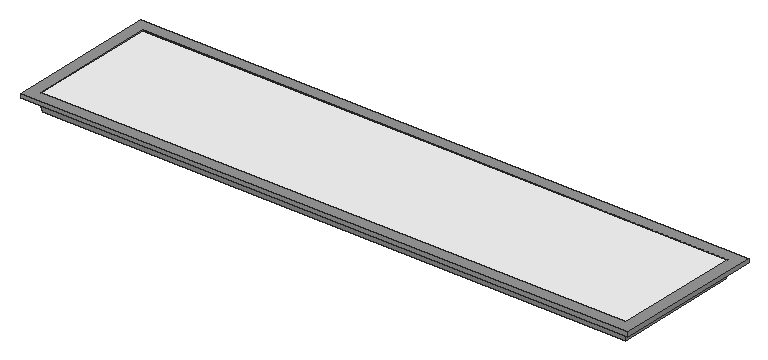
Revit family "0047072", category Lighting Fixtures, host Face, Revit 2017
Family settings
  Host = Face
  Round Connector Dimension = Use Diameter
  Part Type = Normal
  OmniClass Number = 23.80.70.00
  OmniClass Title = Lighting
  Cut with Voids When Loaded = No
  Light Source = Yes
  Shared = No
  Room Calculation Point = No
Parameters (values of type "0047072 START ECO PANEL 1200X300 3200LM 840")
  Width01_SYL = 295 mm
  Weight = "2.45 kg"
  Wattage Comments = ""
  Wattage = 36 W
  WarrantyStartDate [instance] = "n/a"
  WarrantyGuarantorParts = "n/a"
  WarrantyDurationUnit = "n/a"
  WarrantyDurationParts = "n/a"
  WarrantyDescription = "n/a"
  built-in parameter 1150110 = 1 (stored number, unit not read)
  Voltage = 0 V
  URL = "http://www.sylvania-lighting.com"
  TypeName = "START eco Panel 1200x300 3200Lm 840"
  Type Image = <None>
  Type Comments = "n/a"
  built-in parameter 1114217 = 1 (stored number, unit not read)
  Tilt Angle = -90.00°
  built-in parameter 1150109 = 1 (stored number, unit not read)
  built-in parameter 1150134 = 12
  built-in parameter 1150113 = 1 (stored number, unit not read)
  SerialNumber [instance] = "n/a"
  Photometric Web File = "0047072.ies"
  Material_3_SYL = none
  PowerFactor = 0.95
  PowerConsumption = "36 W"
  NominalLength = 1200 mm
  NominalHeight = 34 mm
  NominalDepth = 300 mm
  Name = "START eco Panel 1200x300 3200Lm 840"
  ModelReference = Name  # "START eco Panel 1200x300 3200Lm 840"
  ModelNumber = "0047072"
  Model = Name  # "START eco Panel 1200x300 3200Lm 840"
  Material = "aluminium,steel housing, other diffuser"
  ManufacturerName = "Feilo Sylvania"
  Manufacturer = "Feilo Sylvania"
  LuminousEfficacy = "89 lm/W"
  built-in parameter 1150105 = 254.97 (stored number, unit not read)
  Lumens = 3204 lm
  LuminaireType = ""
  built-in parameter 1150115 = 1 (stored number, unit not read)
  LumArea_SYL = 551 mm
  LumAreaW_SYL = 251 mm
  LumAreaL_SYL = 1151 mm
  LightOutputRatio = "n/a"
  built-in parameter 1150137 = (empty or 0)
  built-in parameter 1150139 = (empty or 0)
  Length01_SYL = 1195 mm
  LampsType = Lamp  # "LED"
  LampNominalLuminous = "3200 lm"
  LampMacAdamStep = "6"
  LampColourTemperature = "4000 K"
  LampColourRenderingIndex = "80"
  built-in parameter 1150112 = 1 (stored number, unit not read)
  built-in parameter 1150114 = 1 (stored number, unit not read)
  Lamp = "LED"
  Keynote = "16500"
  InstallationDate [instance] = "n/a"
  InputVoltage = "n/a"
  InputNominalFrequency = "n/a"
  built-in parameter 1150132 = (empty or 0)
  built-in parameter 1150102 = (empty or 0)
  built-in parameter 1150107 = 4000 (stored number, unit not read)
  built-in parameter 1150138 = (empty or 0)
  IngressProtection = "IP40/20"
  ImpactProtectionIndex = "IK02"
  built-in parameter 1150106 = 2.5497 (stored number, unit not read)
  IfcExportType = "IfcLightFixtureType"
  IfcExportAs = "IfcLightFixtureType"
  Emit from Rectangle Width = 553 mm
  Emit from Rectangle Length = 553 mm
  Emit Shape Visible in Rendering = no
  ElectricShockClassification = "Class II"
  built-in parameter 1150104 = 8.2684 (stored number, unit not read)
  DocumentationLiterature = "http://www.sylvania-lighting.com/product/en-int/products/0047072"
  DimmingControlOptions = "n/a"
  Material_2_SYL = LED
  Dimming Lamp Color Temperature Shift = <None>
  Description = ""
  Default Elevation = 1219.2 mm
  CreatedOn = "2/19/2020"
  CreatedBy = "@sylvania-lighting.com"
  Cost = 0
  Color Filter = 16777215
  built-in parameter 1114216 [instance] = (empty or 0)
  ClassificationValue = "EF_70_80"
  ClassificationName = "Uniclass2015"
  Material_1_SYL = PC/ABS Plastic
  BarCode [instance] = "n/a"
  built-in parameter 1114218 = 1 (stored number, unit not read)
  built-in parameter 1150133 = 10 (stored number, unit not read)
  AssetType = "Fixed"
  AssetIdentifier [instance] = "n/a"
  Assembly Code = "D5020200"
  Area-xW_SYL = LumAreaW_SYL - 5 mm  # 246 mm
  Area-xL_SYL = LumAreaL_SYL - 5 mm  # 1146 mm
  Area+xW_SYL = LumAreaW_SYL + 5 mm  # 256 mm
  Area+xL_SYL = LumAreaL_SYL + 5 mm  # 1156 mm
  Apparent Load = 36 VA
  Material_4_SYL = none
Reference planes
  plane 1 "Center (Front/Back)": y = 0
  plane 2: z = 0
  plane 3 "Center (Left/Right)": x = 0
  plane 4: z = 8
  plane 5: z = -26
  plane 6: z = -56
  plane 7: x = 597.5
  plane 8: x = -597.5
  plane 9: y = 147.5
  plane 10: y = -147.5
  plane 11: y = 128
  plane 12: y = -128
  plane 13: x = -578
  plane 14: x = 578
  plane 15: x = -575.5
  plane 16: x = 575.5
  plane 17: y = -125.5
  plane 18: y = 125.5
  plane 19: x = 573
  plane 20: x = -573
  plane 21: y = -123
  plane 22: y = 123
  plane 23: z = 7
  plane 24: z = -100
Forms (mm)
  Extrusion 1, void
    sketch origin (0, 0, 0) x (1, 0, 0) y (0, 1, 0)
      loop
        line (-575.5, 125.5) -> (-575.5, -125.5) -> (575.5, -125.5) -> (575.5, 125.5) -> (-575.5, 125.5)
    from 0 to -100
  Extrusion 2, solid, material "PC/ABS Plastic" <- "Material_1_SYL"
    sketch origin (0, 0, 0) x (1, 0, 0) y (0, 1, 0)
      loop
        line (-597.5, -147.5) -> (597.5, -147.5) -> (597.5, 147.5) -> (-597.5, 147.5) -> (-597.5, -147.5)
    from 0 to 8
  Extrusion 3, void
    sketch origin (1223.4, -4572, 8) x (-1, 0, 0) y (0, -1, 0)
      loop
        line (1798.9, -4697.5) -> (1798.9, -4446.5) -> (647.9, -4446.5) -> (647.9, -4697.5) -> (1798.9, -4697.5)
    from 0 to -1
  Blend 4, solid, material "PC/ABS Plastic" <- "Material_1_SYL"
    base sketch origin (0, 0, 0) x (1, 0, 0) y (0, 1, 0)
      loop
        line (-578, -128) -> (578, -128) -> (578, 128) -> (-578, 128) -> (-578, -128)
    top sketch origin (0, 0, 0) x (1, 0, 0) y (0, 1, 0)
      loop
        line (-573, -123) -> (573, -123) -> (573, 123) -> (-573, 123) -> (-573, -123)
    from 0 to -26
Cuts and joins
  Extrusion 3 cuts Extrusion 2
Dimensions and locks
  equal spacing: plane 8, plane 3 "Center (Left/Right)", plane 7
  "Length01_SYL": plane 8 to plane 7
  equal spacing: plane 10, plane 1 "Center (Front/Back)", plane 9
  "Width01_SYL": plane 10 to plane 9
  equal spacing: plane 13, plane 3 "Center (Left/Right)", plane 14
  "Area+xL_SYL": plane 13 to plane 14
  equal spacing: plane 12, plane 1 "Center (Front/Back)", plane 11
  "Area+xW_SYL": plane 12 to plane 11
  equal spacing: plane 17, plane 1 "Center (Front/Back)", plane 18
  "LumAreaW_SYL": plane 17 to plane 18
  equal spacing: plane 15, plane 3 "Center (Left/Right)", plane 16
  "LumAreaL_SYL": plane 15 to plane 16
  equal spacing: plane 21, plane 1 "Center (Front/Back)", plane 22
  "Area-xW_SYL": plane 21 to plane 22
  equal spacing: plane 20, plane 3 "Center (Left/Right)", plane 19
  "Area-xL_SYL": plane 20 to plane 19
  locked: plane 4 to plane 23 at 1
  locked: plane 4 to plane 2 at 8
  plane 2 to plane 5 to plane 6 = 26 mm locked, 30 mm locked
  locked: plane 2 to plane 24 at 100
  aligned and locked: plane 2 to host face
  aligned and locked: level to host face
  aligned and locked: plane 18 to Extrusion 1 sketch curve
  aligned and locked: plane 15 to Extrusion 1 sketch curve
  aligned and locked: Extrusion 1 sketch curve to plane 17
  aligned and locked: Extrusion 1 sketch curve to plane 16
  aligned and locked: level to Extrusion 1
  aligned and locked: plane 10 to Extrusion 2 sketch curve
  aligned and locked: Extrusion 2 sketch curve to plane 8
  aligned and locked: Extrusion 2 sketch curve to plane 9
  aligned and locked: plane 7 to Extrusion 2 sketch curve
  aligned and locked: Extrusion 2 to level
  aligned and locked: Extrusion 2 to plane 4
  aligned and locked: plane 23 to Extrusion 3
  aligned and locked: Extrusion 3 to plane 4
  aligned and locked: plane 21 to Blend 4 sketch curve
  aligned and locked: Blend 4 sketch curve to plane 20
  aligned and locked: Blend 4 sketch curve to plane 22
  aligned and locked: plane 19 to Blend 4 sketch curve
  aligned and locked: plane 5 to Blend 4
  aligned and locked: level to Blend 4
  aligned and locked: Extrusion 1 to plane 24
  aligned and locked: imposter light to plane 23
  aligned and locked: plane 3 "Center (Left/Right)" to imposter light
  aligned and locked: imposter light to plane 1 "Center (Front/Back)"
  aligned and locked: plane 18 to Extrusion 3 sketch curve
  aligned and locked: Extrusion 3 sketch curve to plane 16
  aligned and locked: Extrusion 3 sketch curve to plane 17
  aligned and locked: plane 15 to Extrusion 3 sketch curve
  aligned and locked: plane 14 to Blend 4 sketch curve
  aligned and locked: plane 12 to Blend 4 sketch curve
  aligned and locked: Blend 4 sketch curve to plane 13
  aligned and locked: Blend 4 sketch curve to plane 11
Automatic sketch dimensions
  host sketch curve to host sketch curve = 800 mm  (x2)
